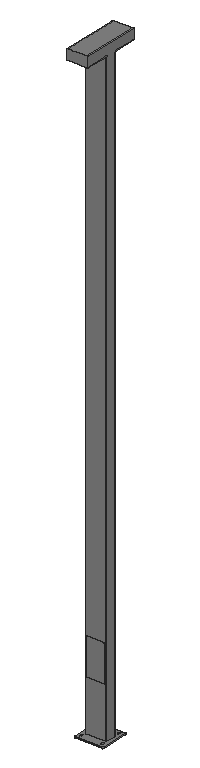
Revit family "Супремус В", category Осветительные приборы, Revit 2019 (continued)
Types (7, lengths in mm): name | Файл фотометрической сетки | built-in parameter 1150105 | Lumens | built-in parameter 1150106 | built-in parameter 1150142 | Wattage | L_общая рассеиватели | ADSK_Фактическая мощность | ADSK_Размер_Высота | ADSK_Номинальная мощность | ADSK_Наименование | ADSK_Масса_Текст | ADSK_Масса | ADSK_Артикул | 2
    .1 340.1 341.2 342.4 343.5 345.0\r\n 346.3 348.0 349.8 351.9 354.1 356.6 359.5 362.2 365.2 368.3 371.5 374.6 377.2 379.9 382.9 386.3 389.1 391.7 394.1 397.2 400.4\r\n 403.9 407.5 410.7 414.4 418.8 422.4 425.6 428.8 432.3 435.8 438.4 440.9 443.9 447.0 449.6 452.5 454.9 457.4 460.2 463.0 466.2\r\n 468.9 471.2 472.4 473.0 472.4 471.3 469.6 466.9 463.0 458.6 454.0 449.4 445.0 440.6 436.2 431.7 426.3 420.5 413.5 404.9 395.1\r\n 385.0 374.9 364.6 354.3 343.9 333.7 322.8 311.6 299.7 286.7 273.9 260.3 246.6 232.7 218.3 204.0 189.7 176.0 162.6 149.4 137.9\r\n 126.5 115.1 106.0 98.4 90.9 83.7 77.5 71.5 65.7 60.0 54.6 49.8 44.9 40.6 36.8 33.6 30.7 28.0 25.6 23.4 21.5 19.9 18.3 16.7 15.2\r\n 13.8 12.2 10.7 9.5 8.3 7.4 6.6 6.0 5.3 4.7 4.3 4.0 3.6 3.1 2.8 2.5 2.2 1.9 1.6 1.4 1.3 1.2 1.0 0.9 0.8 0.7 0.5 0.4 0.3 0.1 0.0\r\n 0.0 0.0 0.0 0.0 0.0 0.0 0.0 0.0 0.0 0.0 0.0 0.0 0.0 0.0 0.0 0.0 0.0 0.0 0.0 0.0 0.0 0.0 0.0 0.0 0.0 0.0 0.0 0.0 0.0 0.0 0.0 0.0\r\n 0.0 0.0 0.0 0.0 0.0 0.0 0.0 0.0 0.0 0.0 0.0 0.0 0.0 0.0 0.0 0.0 0.0 0.0 0.0 0.0 0.0 0.0 0.0 0.0 0.0 0.0 0.0 0.0 0.0 0.0 0.0 0.0\r\n 0.0 0.0 0.0 0.0 0.0 0.0 0.0 0.0 0.0 0.0 0.0 0.0 0.0 0.0 0.0 0.0 0.0 0.0 0.0 0.0 0.0 0.0 0.0 0.0 0.0 0.0 0.0 0.0 0.0 0.0 0.0 0.0\r\n 0.0 0.0 0.0 0.0 0.0 0.0 0.0 0.0 0.0 0.0 0.0 0.0 0.0 0.0 0.0 0.0 0.0 0.0 0.0 0.0 0.0 0.0 0.0 0.0 0.0 0.0 0.0 0.0 0.0 0.0 0.0 0.0\r\n 0.0 0.0 0.0 0.0 0.0 0.0 0.0 0.0 0.0 0.0 0.0 0.0 0.0 0.0 0.0 0.0 0.0 0.0 0.0 0.0 0.0 0.0 0.0 0.0 0.0 0.0 0.0 0.0 0.0 0.0\r\n275.6 277.2 278.7 280.3 282.0 283.5 285.2 287.0 288.8 290.5 292.5 294.4 296.3 298.1 299.8 301.6 303.3 304.7 306.1 307.5 308.8\r\n 310.0 311.3 312.2 313.3 314.3 315.6 316.5 317.6 318.9 320.0 321.4 322.5 323.5 324.6 325.4 326.1 327.0 327.6 328.5 329.2 329.8\r\n 330.3 331.2 332.0 332.7 333.2 333.7 334.2 335.0 335.9 336.6 337.8 338.9 340.0 341.3 342.7 344.3 345.7 347.3 348.9 350.6 352.6\r\n 354.5 356.5 359.0 361.0 363.6 366.0 368.8 371.8 374.4 376.7 379.1 381.5 383.8 386.4 388.6 390.3 392.3 394.5 396.5 398.5 400.0\r\n 402.0 404.3 405.9 407.6 410.5 413.3 416.0 418.7 421.0 423.7 425.9 428.1 430.0 432.2 434.3 436.0 438.2 440.1 441.5 442.6 443.3\r\n 443.5 443.5 442.8 441.9 440.2 437.9 434.3 430.1 425.6 421.4 417.3 412.7 407.7 401.8 396.0 390.3 385.1 379.2 372.9 365.9 358.2\r\n 350.0 341.5 333.0 323.5 314.0 304.3 294.4 284.3 272.7 260.4 248.0 235.4 221.9 208.4 195.0 181.1 166.5 152.1 139.0 126.0 113.4\r\n 102.9 93.3 84.7 76.4 68.2 61.1 54.1 48.8 44.3 40.3 36.7 33.6 31.0 28.6 26.5 24.8 23.5 22.6 21.8 21.1 20.3 19.6 18.6 17.5 16.2\r\n 14.6 13.0 11.6 10.5 9.5 8.5 7.7 6.9 6.5 6.1 5.8 5.2 4.7 4.1 3.5 2.9 2.4 2.1 1.8 1.6 1.5 1.4 1.3 1.1 1.0 0.9 0.8 0.7 0.6 0.0 0.0\r\n 0.0 0.0 0.0 0.0 0.0 0.0 0.0 0.0 0.0 0.0 0.0 0.0 0.0 0.0 0.0 0.0 0.0 0.0 0.0 0.0 0.0 0.0 0.0 0.0 0.0 0.0 0.0 0.0 0.0 0.0 0.0 0.0\r\n 0.0 0.0 0.0 0.0 0.0 0.0 0.0 0.0 0.0 0.0 0.0 0.0 0.0 0.0 0.0 0.0 0.0 0.0 0.0 0.0 0.0 0.0 0.0 0.0 0.0 0.0 0.0 0.0 0.0 0.0 0.0 0.0\r\n 0.0 0.0 0.0 0.0 0.0 0.0 0.0 0.0 0.0 0.0 0.0 0.0 0.0 0.0 0.0 0.0 0.0 0.0 0.0 0.0 0.0 0.0 0.0 0.0 0.0 0.0 0.0 0.0 0.0 0.0 0.0 0.0\r\n 0.0 0.0 0.0 0.0 0.0 0.0 0.0 0.0 0.0 0.0 0.0 0.0 0.0 0.0 0.0 0.0 0.0 0.0 0.0 0.0 0.0 0.0 0.0 0.0 0.0 0.0 0.0 0.0 0.0 0.0 0.0 0.0\r\n 0.0 0.0 0.0 0.0 0.0 0.0 0.0 0.0 0.0 0.0 0.0 0.0 0.0 0.0 0.0 0.0 0.0 0.0 0.0 0.0 0.0 0.0 0.0 0.0 0.0 0.0 0.0 0.0 0.0 0.0\r\n275.6 277.3 279.1 281.0 282.7 284.5 286.4 288.6 290.8 293.1 295.0 297.3 299.4 301.3 303.2 305.0 306.8 308.4 310.0 311.5 312.9\r\n 314.0 315.5 316.7 317.7 319.0 320.4 322.0 323.5 325.0 326.1 327.3 328.2 328.9 329.8 330.5 331.3 331.8 332.5 333.1 333.6 334.1\r\n 334.5 335.0 335.6 336.2 337.0 337.8 338.4 339.2 340.0 341.1 342.1 343.5 344.9 346.4 348.2 350.1 351.8 353.6 355.5 357.4 359.3\r\n 361.1 363.4 365.6 368.0 370.4 372.9 375.3 377.6 379.7 381.5 382.4 383.9 385.5 387.0 388.2 389.1 389.8 390.3 390.6 391.1 391.1\r\n 391.1 390.8 391.0 391.5 392.0 392.7 393.5 394.2 395.3 396.0 396.6 396.7 397.1 397.3 397.6 398.0 398.4 398.8 398.7 398.8 398.4\r\n 397.1 395.3 393.0 390.3 387.1 383.0 378.6 374.2 369.4 364.3 359.0 353.3 347.9 343.1 338.5 333.5 327.9 321.9 315.5 309.2 301.8\r\n 294.1 285.9 277.2 268.8 260.1 251.4 242.0 232.4 222.8 212.6 201.7 190.6 179.4 168.4 157.7 146.7 135.6 124.7 113.7 103.5 93.8 84.7\r\n 75.5 66.6 58.9 52.5 47.4 42.8 38.8 35.4 32.6 30.4 28.6 27.0 25.4 24.0 22.9 21.9 21.0 20.1 19.3 18.5 17.7 17.1 16.5 15.6 14.5 13.2\r\n 12.2 11.1 10.2 9.3 8.3 7.4 6.7 6.2 5.8 5.4 4.8 4.3 3.8 3.3 2.7 2.3 2.1 1.8 1.7 1.5 1.4 1.3 1.1 1.0 0.9 0.8 0.7 0.0 0.0 0.0 0.0\r\n 0.0 0.0 0.0 0.0 0.0 0.0 0.0 0.0 0.0 0.0 0.0 0.0 0.0 0.0 0.0 0.0 0.0 0.0 0.0 0.0 0.0 0.0 0.0 0.0 0.0 0.0 0.0 0.0 0.0 0.0 0.0 0.0\r\n 0.0 0.0 0.0 0.0 0.0 0.0 0.0 0.0 0.0 0.0 0.0 0.0 0.0 0.0 0.0 0.0 0.0 0.0 0.0 0.0 0.0 0.0 0.0 0.0 0.0 0.0 0.0 0.0 0.0 0.0 0.0 0.0\r\n 0.0 0.0 0.0 0.0 0.0 0.0 0.0 0.0 0.0 0.0 0.0 0.0 0.0 0.0 0.0 0.0 0.0 0.0 0.0 0.0 0.0 0.0 0.0 0.0 0.0 0.0 0.0 0.0 0.0 0.0 0.0 0.0\r\n 0.0 0.0 0.0 0.0 0.0 0.0 0.0 0.0 0.0 0.0 0.0 0.0 0.0 0.0 0.0 0.0 0.0 0.0 0.0 0.0 0.0 0.0 0.0 0.0 0.0 0.0 0.0 0.0 0.0 0.0 0.0 0.0\r\n 0.0 0.0 0.0 0.0 0.0 0.0 0.0 0.0 0.0 0.0 0.0 0.0 0.0 0.0 0.0 0.0 0.0 0.0 0.0 0.0 0.0 0.0 0.0 0.0 0.0 0.0 0.0 0.0\r\n275.6 277.5 279.4 281.5 283.5 285.5 287.7 290.2 292.8 295.1 297.8 300.0 302.1 304.2 306.4 308.3 310.2 311.9 313.5 314.9 316.3\r\n 317.9 319.1 320.6 322.1 323.9 325.6 327.0 328.5 329.8 330.7 331.6 332.5 333.4 334.2 335.0 335.6 336.2 336.5 336.9 337.5 337.9\r\n 338.5 339.2 340.1 340.6 341.3 342.3 343.2 344.1 345.4 346.6 347.9 349.0 350.4 351.8 352.9 354.3 355.7 357.3 359.0 360.7 362.7\r\n 364.7 366.6 368.3 370.0 371.6 373.1 374.5 375.8 376.5 377.0 377.7 378.6 379.4 379.7 379.5 379.0 377.9 377.1 375.9 373.9 371.9\r\n 370.4 369.2 368.1 366.4 364.8 363.7 362.4 360.9 360.1 359.0 357.7 355.8 353.4 351.2 349.1 346.6 344.1 341.5 338.3 334.8 331.3\r\n 327.9 324.2 320.6 316.4 311.9 306.9 301.6 296.5 291.2 285.9 280.3 274.3 268.3 261.7 255.8 250.2 244.6 238.6 232.4 225.7 218.4\r\n 210.8 203.6 196.5 189.1 182.2 175.5 168.9 162.7 155.6 148.3 140.7 132.8 124.3 115.6 107.1 98.1 89.8 81.9 74.2 67.1 61.4 55.8 51.8\r\n 48.3 44.8 41.8 39.1 36.6 34.5 32.5 30.7 29.2 27.7 26.2 24.7 23.3 22.0 20.6 19.3 18.1 17.0 16.1 15.2 14.4 13.6 12.9 12.1 11.3 10.5\r\n 9.8 9.1 8.4 7.7 7.2 6.7 6.4 6.2 5.7 4.9 4.4 3.9 3.4 2.9 2.5 2.2 2.0 1.8 1.7 1.5 1.4 1.3 1.2 1.1 1.0 0.9 0.0 0.0 0.0 0.0 0.0 0.0\r\n 0.0 0.0 0.0 0.0 0.0 0.0 0.0 0.0 0.0 0.0 0.0 0.0 0.0 0.0 0.0 0.0 0.0 0.0 0.0 0.0 0.0 0.0 0.0 0.0 0.0 0.0 0.0 0.0 0.0 0.0 0.0 0.0\r\n 0.0 0.0 0.0 0.0 0.0 0.0 0.0 0.0 0.0 0.0 0.0 0.0 0.0 0.0 0.0 0.0 0.0 0.0 0.0 0.0 0.0 0.0 0.0 0.0 0.0 0.0 0.0 0.0 0.0 0.0 0.0 0.0\r\n 0.0 0.0 0.0 0.0 0.0 0.0 0.0 0.0 0.0 0.0 0.0 0.0 0.0 0.0 0.0 0.0 0.0 0.0 0.0 0.0 0.0 0.0 0.0 0.0 0.0 0.0 0.0 0.0 0.0 0.0 0.0 0.0\r\n 0.0 0.0 0.0 0.0 0.0 0.0 0.0 0.0 0.0 0.0 0.0 0.0 0.0 0.0 0.0 0.0 0.0 0.0 0.0 0.0 0.0 0.0 0.0 0.0 0.0 0.0 0.0 0.0 0.0 0.0 0.0 0.0\r\n 0.0 0.0 0.0 0.0 0.0 0.0 0.0 0.0 0.0 0.0 0.0 0.0 0.0 0.0 0.0 0.0 0.0 0.0 0.0 0.0 0.0 0.0 0.0 0.0 0.0 0.0\r\n275.6 277.6 279.6 281.7 284.0 286.2 288.8 291.4 294.2 297.1 299.7 302.2 304.5 306.8 309.0 311.0 313.1 314.7 316.4 318.1 319.4\r\n 321.0 322.7 324.6 326.4 328.3 329.8 331.2 332.4 333.5 334.7 335.7 336.7 337.7 338.3 339.0 339.5 340.1 340.5 341.2 341.9 342.6\r\n 343.2 344.1 344.9 345.6 346.6 347.6 348.8 349.9 350.8 351.5 352.5 353.2 354.3 355.4 356.3 357.5 358.3 359.2 360.2 361.2 362.3\r\n 363.6 364.4 365.1 365.7 366.0 366.3 366.5 366.0 365.8 366.1 366.8 367.6 368.1 367.6 366.7 365.1 363.3 360.9 357.6 354.4 352.2\r\n 349.7 347.1 344.3 341.1 338.4 335.0 331.3 328.1 325.2 321.5 317.6 313.4 308.9 304.0 299.3 294.8 290.4 285.8 281.0 276.0 270.9\r\n 265.5 260.0 253.9 247.6 241.4 235.2 228.7 222.1 215.0 208.2 201.9 196.1 190.6 184.9 179.4 173.5 167.1 160.9 154.6 148.6 142.5\r\n 136.9 131.7 127.2 122.6 118.1 113.7 108.9 103.9 98.9 94.0 89.1 84.0 79.1 74.2 69.4 64.7 60.3 56.3 52.6 49.4 46.6 44.3 42.3 40.5\r\n 38.7 37.0 35.3 33.8 32.2 30.8 29.6 28.3 27.0 25.7 24.5 23.4 22.1 20.8 19.6 18.5 17.4 16.5 15.5 14.5 13.4 12.4 11.4 10.6 9.7 9.1\r\n 8.3 7.7 7.1 6.5 6.0 5.7 5.5 5.1 4.7 4.3 3.8 3.4 3.0 2.8 2.5 2.3 2.1 2.0 1.8 1.7 1.5 1.4 1.3 1.1 1.0 0.0 0.0 0.0 0.0 0.0 0.0 0.0\r\n 0.0 0.0 0.0 0.0 0.0 0.0 0.0 0.0 0.0 0.0 0.0 0.0 0.0 0.0 0.0 0.0 0.0 0.0 0.0 0.0 0.0 0.0 0.0 0.0 0.0 0.0 0.0 0.0 0.0 0.0 0.0 0.0\r\n 0.0 0.0 0.0 0.0 0.0 0.0 0.0 0.0 0.0 0.0 0.0 0.0 0.0 0.0 0.0 0.0 0.0 0.0 0.0 0.0 0.0 0.0 0.0 0.0 0.0 0.0 0.0 0.0 0.0 0.0 0.0 0.0\r\n 0.0 0.0 0.0 0.0 0.0 0.0 0.0 0.0 0.0 0.0 0.0 0.0 0.0 0.0 0.0 0.0 0.0 0.0 0.0 0.0 0.0 0.0 0.0 0.0 0.0 0.0 0.0 0.0 0.0 0.0 0.0 0.0\r\n 0.0 0.0 0.0 0.0 0.0 0.0 0.0 0.0 0.0 0.0 0.0 0.0 0.0 0.0 0.0 0.0 0.0 0.0 0.0 0.0 0.0 0.0 0.0 0.0 0.0 0.0 0.0 0.0 0.0 0.0 0.0 0.0\r\n 0.0 0.0 0.0 0.0 0.0 0.0 0.0 0.0 0.0 0.0 0.0 0.0 0.0 0.0 0.0 0.0 0.0 0.0 0.0 0.0 0.0 0.0 0.0 0.0 0.0\r\n275.6 277.7 279.8 282.1 284.6 287.0 289.8 292.9 296.0 298.8 301.6 304.2 306.6 308.9 311.1 313.3 315.2 317.1 319.0 320.6 322.3\r\n 324.1 326.3 328.3 330.0 331.6 333.1 334.3 335.4 336.5 338.0 338.8 339.6 340.7 341.3 341.9 342.7 343.6 344.4 345.2 345.9 346.8\r\n 347.8 348.6 349.7 350.6 351.4 352.2 352.9 353.5 354.1 354.9 355.6 356.5 356.8 357.3 357.9 358.2 358.5 359.2 359.6 359.6 359.6\r\n 359.6 359.6 359.2 358.8 358.1 357.7 357.2 356.8 356.3 356.5 356.6 356.2 354.9 352.9 350.1 347.3 344.3 340.2 336.1 332.9 329.3\r\n 325.5 321.3 316.8 312.4 307.1 302.2 297.9 293.2 288.0 282.6 277.0 270.5 264.2 257.7 251.5 245.5 239.2 232.5 225.3 218.1 210.7\r\n 203.4 196.5 189.9 183.3 176.6 170.1 163.9 158.4 153.1 147.9 142.6 137.5 132.4 127.4 122.8 118.8 114.6 110.2 105.8 101.9 98.1 94.6\r\n 91.0 87.1 83.3 79.8 76.4 72.7 69.1 65.4 61.8 58.2 54.9 51.9 49.1 46.9 45.0 43.3 41.6 40.0 38.5 37.0 35.5 34.0 32.7 31.4 30.0 28.8\r\n 27.5 26.4 25.3 24.3 23.5 22.6 21.8 20.9 19.9 19.1 18.3 17.5 16.7 15.9 15.2 14.4 13.4 12.6 11.9 11.1 10.3 9.7 9.1 8.6 8.0 7.3 6.6\r\n 6.3 5.9 5.5 5.1 4.7 4.3 4.0 3.7 3.3 3.0 2.8 2.5 2.3 2.1 2.0 1.9 1.7 1.6 1.4 1.2 1.1 0.0 0.0 0.0 0.0 0.0 0.0 0.0 0.0 0.0 0.0 0.0\r\n 0.0 0.0 0.0 0.0 0.0 0.0 0.0 0.0 0.0 0.0 0.0 0.0 0.0 0.0 0.0 0.0 0.0 0.0 0.0 0.0 0.0 0.0 0.0 0.0 0.0 0.0 0.0 0.0 0.0 0.0 0.0 0.0\r\n 0.0 0.0 0.0 0.0 0.0 0.0 0.0 0.0 0.0 0.0 0.0 0.0 0.0 0.0 0.0 0.0 0.0 0.0 0.0 0.0 0.0 0.0 0.0 0.0 0.0 0.0 0.0 0.0 0.0 0.0 0.0 0.0\r\n 0.0 0.0 0.0 0.0 0.0 0.0 0.0 0.0 0.0 0.0 0.0 0.0 0.0 0.0 0.0 0.0 0.0 0.0 0.0 0.0 0.0 0.0 0.0 0.0 0.0 0.0 0.0 0.0 0.0 0.0 0.0 0.0\r\n 0.0 0.0 0.0 0.0 0.0 0.0 0.0 0.0 0.0 0.0 0.0 0.0 0.0 0.0 0.0 0.0 0.0 0.0 0.0 0.0 0.0 0.0 0.0 0.0 0.0 0.0 0.0 0.0 0.0 0.0 0.0 0.0\r\n 0.0 0.0 0.0 0.0 0.0 0.0 0.0 0.0 0.0 0.0 0.0 0.0 0.0 0.0 0.0 0.0 0.0 0.0 0.0 0.0 0.0\r\n275.6 277.8 280.1 282.5 285.1 287.9 290.9 293.9 297.1 300.3 303.1 305.7 308.4 310.8 313.2 315.3 317.5 319.4 321.2 323.2 325.2\r\n 327.6 329.5 331.4 333.1 334.5 335.9 337.4 338.6 339.9 341.1 342.0 343.0 343.8 344.7 345.7 346.8 347.6 348.4 349.5 350.5 351.6\r\n 352.7 353.7 354.4 355.1 355.7 356.2 356.6 357.4 357.8 358.3 358.5 358.7 358.8 358.7 359.0 359.0 358.5 358.4 358.3 357.9 357.7\r\n 357.2 356.6 355.9 355.2 354.6 353.6 352.4 351.3 350.6 350.2 349.0 347.3 344.5 340.7 336.9 333.1 328.4 323.4 318.5 314.1 309.2\r\n 304.1 298.7 293.0 286.7 280.6 275.0 269.3 262.6 255.2 248.0 240.6 233.4 226.3 219.7 212.7 205.6 198.5 191.4 184.4 177.6 171.1\r\n 164.7 158.3 151.9 146.2 141.2 136.8 132.7 128.4 124.2 119.9 115.6 111.6 107.9 104.4 100.9 97.5 94.4 91.5 88.8 85.7 82.4 79.1 75.7\r\n 72.1 68.6 64.7 60.9 57.1 53.8 50.7 48.1 45.7 43.7 42.0 40.4 39.0 37.5 36.0 34.3 32.6 31.0 29.4 27.9 26.5 25.2 24.0 23.0 22.0 21.1\r\n 20.4 19.7 19.0 18.4 17.8 17.0 16.1 15.4 14.7 14.1 13.5 12.9 12.4 11.9 11.3 10.5 10.1 9.6 9.1 8.6 8.3 7.9 7.5 7.1 6.8 6.6 6.5 5.9\r\n 5.4 5.0 4.6 4.1 3.8 3.5 3.2 2.9 2.7 2.5 2.3 2.1 2.0 1.9 1.7 1.5 1.4 1.3 1.1 0.0 0.0 0.0 0.0 0.0 0.0 0.0 0.0 0.0 0.0 0.0 0.0 0.0\r\n 0.0 0.0 0.0 0.0 0.0 0.0 0.0 0.0 0.0 0.0 0.0 0.0 0.0 0.0 0.0 0.0 0.0 0.0 0.0 0.0 0.0 0.0 0.0 0.0 0.0 0.0 0.0 0.0 0.0 0.0 0.0 0.0\r\n 0.0 0.0 0.0 0.0 0.0 0.0 0.0 0.0 0.0 0.0 0.0 0.0 0.0 0.0 0.0 0.0 0.0 0.0 0.0 0.0 0.0 0.0 0.0 0.0 0.0 0.0 0.0 0.0 0.0 0.0 0.0 0.0\r\n 0.0 0.0 0.0 0.0 0.0 0.0 0.0 0.0 0.0 0.0 0.0 0.0 0.0 0.0 0.0 0.0 0.0 0.0 0.0 0.0 0.0 0.0 0.0 0.0 0.0 0.0 0.0 0.0 0.0 0.0 0.0 0.0\r\n 0.0 0.0 0.0 0.0 0.0 0.0 0.0 0.0 0.0 0.0 0.0 0.0 0.0 0.0 0.0 0.0 0.0 0.0 0.0 0.0 0.0 0.0 0.0 0.0 0.0 0.0 0.0 0.0 0.0 0.0 0.0 0.0\r\n 0.0 0.0 0.0 0.0 0.0 0.0 0.0 0.0 0.0 0.0 0.0 0.0 0.0 0.0 0.0 0.0 0.0 0.0 0.0\r\n275.6 277.9 280.3 282.8 285.5 288.5 291.6 294.8 298.1 301.3 304.1 307.0 309.6 312.0 314.4 316.6 318.8 321.0 323.0 325.3 327.7\r\n 329.8 331.8 333.6 335.3 336.6 338.2 339.8 341.0 342.3 343.3 344.3 345.4 346.5 347.7 348.7 349.7 350.8 352.1 353.1 354.3 355.3\r\n 356.1 357.0 357.7 358.1 358.7 359.3 359.8 359.9 360.2 360.0 359.7 359.6 359.4 359.0 358.4 358.0 357.8 357.4 357.1 356.6 356.0\r\n 355.3 354.5 353.3 352.1 350.6 349.3 348.0 346.5 345.6 344.1 341.8 338.7 334.1 329.8 325.8 321.1 315.9 310.0 305.3 299.6 293.4\r\n 287.0 280.1 272.6 264.4 256.7 249.6 241.8 233.5 225.6 217.5 209.0 201.7 194.9 188.0 180.9 173.7 166.3 158.9 151.9 145.6 140.0\r\n 134.7 129.9 125.7 122.2 118.8 115.4 111.9 108.3 105.0 102.0 99.3 96.7 94.0 91.3 88.9 86.6 84.0 81.3 78.5 75.4 72.4 69.2 65.7 62.3\r\n 58.8 55.7 53.0 50.3 48.0 45.9 44.0 42.3 40.6 38.9 37.0 35.1 33.2 31.3 29.4 27.7 26.1 24.6 23.4 22.2 21.1 20.2 19.4 18.7 18.0 17.2\r\n 16.4 15.6 14.8 14.2 13.6 13.1 12.5 12.0 11.5 10.9 10.4 10.0 9.4 8.6 8.1 7.6 7.3 6.9 6.5 6.3 6.1 5.8 5.6 5.5 5.6 5.4 4.9 4.8 4.3\r\n 4.0 3.7 3.4 3.1 2.9 2.7 2.5 2.3 2.2 2.0 1.9 1.8 1.7 1.5 1.4 1.3 1.2 0.0 0.0 0.0 0.0 0.0 0.0 0.0 0.0 0.0 0.0 0.0 0.0 0.0 0.0 0.0\r\n 0.0 0.0 0.0 0.0 0.0 0.0 0.0 0.0 0.0 0.0 0.0 0.0 0.0 0.0 0.0 0.0 0.0 0.0 0.0 0.0 0.0 0.0 0.0 0.0 0.0 0.0 0.0 0.0 0.0 0.0 0.0 0.0\r\n 0.0 0.0 0.0 0.0 0.0 0.0 0.0 0.0 0.0 0.0 0.0 0.0 0.0 0.0 0.0 0.0 0.0 0.0 0.0 0.0 0.0 0.0 0.0 0.0 0.0 0.0 0.0 0.0 0.0 0.0 0.0 0.0\r\n 0.0 0.0 0.0 0.0 0.0 0.0 0.0 0.0 0.0 0.0 0.0 0.0 0.0 0.0 0.0 0.0 0.0 0.0 0.0 0.0 0.0 0.0 0.0 0.0 0.0 0.0 0.0 0.0 0.0 0.0 0.0 0.0\r\n 0.0 0.0 0.0 0.0 0.0 0.0 0.0 0.0 0.0 0.0 0.0 0.0 0.0 0.0 0.0 0.0 0.0 0.0 0.0 0.0 0.0 0.0 0.0 0.0 0.0 0.0 0.0 0.0 0.0 0.0 0.0 0.0\r\n 0.0 0.0 0.0 0.0 0.0 0.0 0.0 0.0 0.0 0.0 0.0 0.0 0.0 0.0 0.0 0.0 0.0\r\n275.6 278.1 280.4 283.2 285.9 289.0 292.1 295.3 298.8 302.1 304.9 308.0 310.6 313.2 315.5 317.9 320.2 322.0 324.5 327.0 329.5\r\n 331.7 333.6 335.5 337.0 338.7 340.2 341.8 343.1 344.6 345.6 347.0 348.1 349.6 350.6 351.8 352.9 354.3 355.6 356.8 357.9 359.0\r\n 359.6 360.1 360.6 361.2 361.9 362.0 362.4 362.6 362.0 361.8 361.5 360.5 360.2 359.6 359.3 359.0 358.4 358.1 357.6 356.8 355.9\r\n 354.6 353.3 351.8 350.1 348.7 347.0 344.9 343.3 341.5 339.2 336.0 332.0 327.4 323.1 319.4 314.4 308.8 303.0 297.4 290.8 283.0\r\n 275.3 266.8 258.0 249.3 240.9 233.3 225.0 216.5 208.4 199.8 191.4 183.8 176.3 169.0 161.8 154.8 148.3 141.5 135.4 130.2 126.0\r\n 121.9 117.7 114.5 111.3 107.9 104.8 101.6 98.6 96.1 93.7 91.3 88.7 86.1 83.6 81.2 78.5 75.7 72.8 69.8 66.7 63.4 59.8 56.6 53.9\r\n 51.3 49.1 47.0 45.1 43.4 41.8 40.3 38.6 36.7 34.6 32.6 30.8 28.9 27.2 25.7 24.3 23.0 21.7 20.6 19.7 18.8 18.0 17.3 16.6 15.6 14.4\r\n 13.4 12.8 12.4 11.9 11.4 11.0 10.6 10.2 9.7 9.2 8.8 8.5 7.8 7.0 6.5 6.1 5.8 5.6 5.3 5.2 5.1 4.9 4.8 4.8 4.9 4.9 4.3 4.2 3.9 3.6\r\n 3.3 3.1 2.9 2.8 2.6 2.4 2.3 2.2 2.1 2.0 1.9 1.8 1.6 1.5 1.4 1.2 0.0 0.0 0.0 0.0 0.0 0.0 0.0 0.0 0.0 0.0 0.0 0.0 0.0 0.0 0.0 0.0\r\n 0.0 0.0 0.0 0.0 0.0 0.0 0.0 0.0 0.0 0.0 0.0 0.0 0.0 0.0 0.0 0.0 0.0 0.0 0.0 0.0 0.0 0.0 0.0 0.0 0.0 0.0 0.0 0.0 0.0 0.0 0.0 0.0\r\n 0.0 0.0 0.0 0.0 0.0 0.0 0.0 0.0 0.0 0.0 0.0 0.0 0.0 0.0 0.0 0.0 0.0 0.0 0.0 0.0 0.0 0.0 0.0 0.0 0.0 0.0 0.0 0.0 0.0 0.0 0.0 0.0\r\n 0.0 0.0 0.0 0.0 0.0 0.0 0.0 0.0 0.0 0.0 0.0 0.0 0.0 0.0 0.0 0.0 0.0 0.0 0.0 0.0 0.0 0.0 0.0 0.0 0.0 0.0 0.0 0.0 0.0 0.0 0.0 0.0\r\n 0.0 0.0 0.0 0.0 0.0 0.0 0.0 0.0 0.0 0.0 0.0 0.0 0.0 0.0 0.0 0.0 0.0 0.0 0.0 0.0 0.0 0.0 0.0 0.0 0.0 0.0 0.0 0.0 0.0 0.0 0.0 0.0\r\n 0.0 0.0 0.0 0.0 0.0 0.0 0.0 0.0 0.0 0.0 0.0 0.0 0.0 0.0 0.0 0.0\r\n275.6 278.0 280.5 283.3 286.2 289.3 292.5 296.0 299.4 302.5 305.7 308.7 311.2 313.8 316.2 318.5 320.7 323.0 325.4 328.1 330.4\r\n 332.7 334.7 336.4 337.9 339.7 341.2 342.7 344.1 345.6 347.0 348.2 349.7 351.1 352.3 353.5 355.1 356.3 357.7 358.7 360.0 360.9\r\n 361.5 361.9 362.6 363.0 363.4 363.6 363.6 363.1 362.6 362.0 361.2 360.6 360.1 359.7 359.3 358.7 358.3 357.9 357
